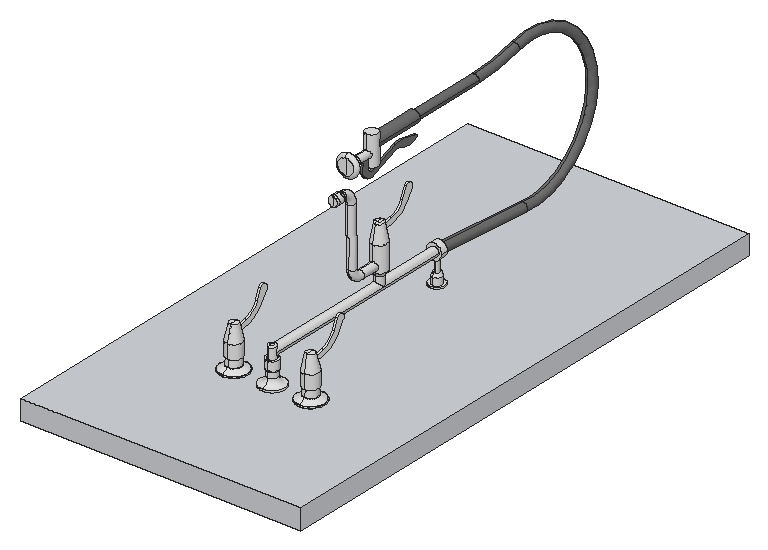
Revit family
Parameters (values of type "TF82WJP")
  WELSRating_ANZRS = ""
  URL = "www.galvinengineering.com.au"
  Type Comments = "Ezy-Wash Pre-Rinse"
  StyleOrType_ANZRS = "Plumbing Fixture"
  PlumbingMaterial_ANZRS = Metal_Taps_DR-Brass-with-Chrome-Finish_10800
  Outlet = "1000mm long high pressure hose with swivel ends"
  ModifiedIssue_ANZRS = 20120721.01  # constant formula
  Model = "TF82WJP"
  Manufacturer = "Galvin Engineering"
  Keynote = "15400"
  Instructions = "http://www.galvinengineering.com.au/Installation_Guides_1.aspx"
  Inlet = "15mm BSP Female"
  FlowRate = 0.000 L/s
  FlexibleHoseMaterial = Rubber_Taps_Black-with-Spring_10800
  FilterObject_ANZRS = "Ezy-Wash"
  DimInletRadius = 7.5 mm  # constant formula
  DimHeight = 1010 mm  # constant formula
  Description = "Wall Mounted Pre-Rinse Concealed Mixing Unit Type 82W"
  Default Elevation = 900 mm
  CreatedBy_ANZRS = "Galvin Engineering"
  CreatedByURL_ANZRS = "www.galvinengineering.com.au"
  CreatedByPhoneNo_ANZRS = "61-8-92495900"
  Assembly Code = "D2010"
Reference planes
  plane 1 "Bottom": y = 0
  plane 2 "Face": z = 0
  plane 3 "Center (Left/Right)": x = 0
  plane 4 "Top": y = 1010
  plane 5 "Width1": z = 326.475
  plane 6 "WidthReference1": z = 76.475
  plane 7 "Width2": z = 386.475
  plane 8 "Left": x = -96
  plane 9: z = 44.94
  plane 10: y = 230
  plane 11: y = 190
  plane 12 "Right": x = 96
Forms (mm)
  Extrusion 1, solid
    sketch origin (0, -719.2, 0) x (1, 0, 0) y (0, 1, 0)
      loop
        line (-350, 1769.2) -> (-350, 369.2) -> (350, 369.2) -> (350, 1769.2) -> (-350, 1769.2)
    from 0 to -50
  Revolve 2, solid, material "Metal_Taps_DR-Brass-with-Chrome-Finish_10800" <- "PlumbingMaterial_ANZRS"
    sketch origin (0, 0, 0) x (0, 1, 0) y (0, 0, 1)
      loop
        line (0, 90.5) -> (-6.45, 90.5)
        arc (-6.45, 90.5) -> (-8.571, 89.621) -> (-9.45, 87.5) r 3
        line (-9.45, 87.5) -> (-9.45, 61) -> (-13.8, 61)
        arc (-13.8, 61) -> (-14.861, 60.561) -> (-15.3, 59.5) r 1.5
        line (-15.3, 59.5) -> (-15.3, 37.5)
        arc (-15.3, 37.5) -> (-14.861, 36.439) -> (-13.8, 36) r 1.5
        line (-13.8, 36) -> (-12.751, 36) -> (-12.751, 21.721)
        arc (-12.751, 21.721) -> (-18.089, 8.835) -> (-30.975, 3.497) r 18.224
        line (-30.975, 3.497) -> (-30.975, 0) -> (0, 0) -> (0, 90.5)
      axis (0, 90.5) -> (0, 0)
    angle from 0 to 360
  Extrusion 3, solid, material "Metal_Taps_DR-Brass-with-Chrome-Finish_10800" <- "PlumbingMaterial_ANZRS"
    sketch origin (0, 45.058, 142.426) x (1, 0, 0) y (0, 0, 1)
      loop
        circle (0, -66.426) r 19
    from -478.384 to -460.384
  Extrusion 4, solid, material "Metal_Taps_DR-Brass-with-Chrome-Finish_10800" <- "PlumbingMaterial_ANZRS"
    sketch origin (0, 448.44, -639.907) x (0, -1, 0) y (1, 0, 0)
      loop
        circle (-66.426, 0) r 5
    from 667.496 to 704.795
  Revolve 5, solid, material "Metal_Taps_DR-Brass-with-Chrome-Finish_10800" <- "PlumbingMaterial_ANZRS"
    sketch origin (0, -17.708, 0) x (0, 1, 0) y (0, 0, 1)
      loop
        line (532.575, 27.589) -> (523.865, 27.589) -> (520.575, 19.027) -> (520.575, 2) -> (512.575, 2) -> (512.575, 0) -> (532.575, 0) -> (532.575, 27.589)
      axis (532.575, 27.589) -> (532.575, 0)
    angle from 0 to 360
  Extrusion 6, solid, material "Metal_Taps_DR-Brass-with-Chrome-Finish_10800" <- "PlumbingMaterial_ANZRS"
    sketch origin (0, 244.042, -243.396) x (0, -1, 0) y (1, 0, 0)
      loop
        circle (-66.426, 0) r 15
    from 601.678 to 673.678
  Revolve 7, solid, material "Metal_Taps_DR-Brass-with-Chrome-Finish_10800" <- "PlumbingMaterial_ANZRS"
    sketch origin (0, -216.054, 0) x (0, 1, 0) y (0, 0, 1)
      loop
        line (475.022, 398.475) -> (468.022, 398.475)
        arc (468.022, 398.475) -> (462.365, 400.818) -> (460.022, 406.475) r 8
        arc (460.022, 406.475) -> (453.022, 413.475) -> (446.022, 406.475) r 7
        line (446.022, 406.475) -> (446.022, 386.475) -> (526.522, 386.475) -> (526.522, 395.725) -> (475.022, 395.725) -> (475.022, 398.475)
      axis (526.522, 386.475) -> (446.022, 386.475)
    angle from 0 to 360
  Revolve 8, solid, material "Metal_Taps_DR-Brass-with-Chrome-Finish_10800" <- "PlumbingMaterial_ANZRS"
    sketch origin (0, 235, 216) x (0, 1, 0) y (0, 0, 1)
      loop
        line (-21.167, 110.475) -> (-21.167, 120.475) -> (-26.583, 122.458) -> (-40.125, 122.458) -> (-45, 121.808) -> (-45, 110.475) -> (-21.167, 110.475)
      axis (-21.167, 110.475) -> (-45, 110.475)
    angle from 0 to 360
  Revolve 9, solid, material "Metal_Taps_DR-Brass-with-Chrome-Finish_10800" <- "PlumbingMaterial_ANZRS"
    sketch origin (0, 0, 0) x (0, 1, 0) y (0, 0, 1)
      loop
        line (315.4, 174.531) -> (315.4, 112.555) -> (323.337, 102.201) -> (323.337, 79.337) -> (334.45, 79.337) -> (334.45, 221.495)
        arc (334.45, 221.495) -> (330.408, 221.323) -> (326.396, 220.808) r 47.506
        arc (326.396, 220.808) -> (324.257, 219.705) -> (323.137, 217.573) r 4
        line (323.137, 217.573) -> (315.4, 174.531)
      axis (334.45, 221.495) -> (334.45, 79.337)
    angle from 0 to 360
  Extrusion 10, solid, material "Metal_Taps_DR-Brass-with-Chrome-Finish_10800" <- "PlumbingMaterial_ANZRS"
    sketch origin (0, 0, 0) x (0, 1, 0) y (0, 0, 1)
      loop
        arc (405.482, 238.054) -> (391.839, 220.276) -> (371.613, 210.628) r 48
        line (371.613, 210.628) -> (337.488, 203.375) -> (339.435, 192.543) -> (379.064, 200.966)
        arc (379.064, 200.966) -> (400.215, 210.054) -> (416.278, 226.543) r 59
        line (416.278, 226.543) -> (432.699, 251.829)
        arc (432.699, 251.829) -> (429.833, 265.317) -> (416.345, 262.45) r 9.75
        line (416.345, 262.45) -> (405.482, 238.054)
    from -2.5 to 2.5
  Sweep 11, solid, material "Metal_Taps_DR-Brass-with-Chrome-Finish_10800" <- "PlumbingMaterial_ANZRS"
    path origin (0, 0, 0) x (0, 1, 0) y (0, 0, 1)
      loop
        line (213.833, 326.475) -> (218.713, 326.475)
        arc (218.713, 326.475) -> (237.45, 318.81) -> (245.44, 300.209) r 26.731
        line (245.44, 300.209) -> (248.035, 151.369)
        arc (248.035, 151.369) -> (255.672, 133.591) -> (273.581, 126.264) r 25.55
        line (273.581, 126.264) -> (328.581, 126.264)
    profile origin (0, 301.081, 126.264) x (0, 0, 1) y (1, 0, 0)
      loop
        circle (0, 0) r 10
  Revolve 12, solid, material "Metal_Taps_DR-Brass-with-Chrome-Finish_10800" <- "PlumbingMaterial_ANZRS"
    sketch origin (-96, 0, 0) x (0, 0, 1) y (0, -1, 0)
      loop
        line (65.7, 19.05) -> (32.2, 19.05) -> (32.2, 16.706) -> (13.314, 17.467)
        arc (13.314, 17.467) -> (12.604, 17.676) -> (12.076, 18.196) r 1.521
        line (12.076, 18.196) -> (2.241, 34.354)
        arc (2.241, 34.354) -> (1.941, 34.644) -> (1.537, 34.75) r 0.825
        line (1.537, 34.75) -> (0, 34.75) -> (0, 0) -> (106.777, 0)
        arc (106.777, 0) -> (106.434, 5.405) -> (105.407, 10.723) r 42.639
        line (105.407, 10.723) -> (65.7, 19.05)
      axis (106.777, 0) -> (0, 0)
    angle from 0 to 360
  Extrusion 13, solid, material "Metal_Taps_DR-Brass-with-Chrome-Finish_10800" <- "PlumbingMaterial_ANZRS"
    sketch origin (-96, 0, 0) x (0, 0, 1) y (0, -1, 0)
      loop
        arc (123.797, -71.482) -> (106.019, -57.839) -> (96.372, -37.613) r 48
        line (96.372, -37.613) -> (89.118, -3.488) -> (78.286, -5.435) -> (86.71, -45.064)
        arc (86.71, -45.064) -> (95.797, -66.215) -> (112.287, -82.278) r 59
        line (112.287, -82.278) -> (137.573, -98.699)
        arc (137.573, -98.699) -> (151.06, -95.833) -> (148.193, -82.345) r 9.75
        line (148.193, -82.345) -> (123.797, -71.482)
    from -2.5 to 2.5
  Revolve 14, solid, material "Metal_Taps_DR-Brass-with-Chrome-Finish_10800" <- "PlumbingMaterial_ANZRS"
    sketch origin (96, 0, 0) x (0, 0, 1) y (0, -1, 0)
      loop
        line (65.7, 19.05) -> (32.2, 19.05) -> (32.2, 16.706) -> (13.314, 17.467)
        arc (13.314, 17.467) -> (12.604, 17.676) -> (12.076, 18.196) r 1.521
        line (12.076, 18.196) -> (2.241, 34.354)
        arc (2.241, 34.354) -> (1.941, 34.644) -> (1.537, 34.75) r 0.825
        line (1.537, 34.75) -> (0, 34.75) -> (0, 0) -> (106.777, 0)
        arc (106.777, 0) -> (106.434, 5.405) -> (105.407, 10.723) r 42.639
        line (105.407, 10.723) -> (65.7, 19.05)
      axis (106.777, 0) -> (0, 0)
    angle from 0 to 360
  Extrusion 15, solid, material "Metal_Taps_DR-Brass-with-Chrome-Finish_10800" <- "PlumbingMaterial_ANZRS"
    sketch origin (96, 0, 0) x (0, 0, 1) y (0, 1, 0)
      loop
        line (123.797, 71.482) -> (148.193, 82.345)
        arc (148.193, 82.345) -> (151.06, 95.833) -> (137.573, 98.699) r 9.75
        line (137.573, 98.699) -> (112.287, 82.278)
        arc (112.287, 82.278) -> (95.797, 66.215) -> (86.71, 45.064) r 59
        line (86.71, 45.064) -> (78.286, 5.435) -> (89.118, 3.488) -> (96.372, 37.613)
        arc (96.372, 37.613) -> (106.019, 57.839) -> (123.797, 71.482) r 48
    from -2.5 to 2.5
  Extrusion 16, solid, material "Rubber_Taps_Black_10800"
    sketch origin (0, 0, 0) x (0, 1, 0) y (0, 0, 1)
      loop
        arc (411.777, 371.767) -> (397.304, 372.477) -> (383.147, 369.382) r 55
        line (383.147, 369.382) -> (315.849, 345.019)
        arc (315.849, 345.019) -> (302.11, 345.383) -> (295.343, 357.345) r 13.957
        line (295.343, 357.345) -> (295.343, 377.158) -> (275.467, 377.158)
        arc (275.467, 377.158) -> (281.438, 374.328) -> (281.971, 367.741) r 6.607
        arc (281.971, 367.741) -> (286.393, 339.066) -> (314.624, 332.371) r 25.979
        line (314.624, 332.371) -> (382.449, 357.921)
        arc (382.449, 357.921) -> (393.112, 359.46) -> (403.432, 356.369) r 25
        arc (403.432, 356.369) -> (425.167, 351.302) -> (446.286, 358.517) r 40.5
        arc (446.286, 358.517) -> (447.909, 362.648) -> (444.72, 365.734) r 4
        line (444.72, 365.734) -> (411.777, 371.767)
    from -2.5 to 2.5
  Extrusion 17, solid, material "Rubber_Taps_Black_10800"
    sketch origin (0, -222.443, 473.209) x (1, 0, 0) y (0, 0, 1)
      loop
        circle (0, -66.426) r 15
    from -664.611 to -535.911
  Sweep 18, solid, material "Rubber_Taps_Black-with-Spring_10800" <- "FlexibleHoseMaterial"
    path origin (0, 0, 0) x (0, 1, 0) y (0, 0, 1)
      loop
        arc (631.678, 406.783) -> (695.326, 411.136) -> (757.789, 424.115) r 467.457
        arc (757.789, 424.115) -> (998.347, 253.639) -> (781.754, 53.595) r 189.76
        arc (781.754, 53.595) -> (652.924, 68.351) -> (523.442, 75.367) r 2165
    profile origin (0, 998.347, 253.639) x (0, 0.997915, 0.064543) y (1, 0, 0)
      loop
        circle (0, 0) r 11.1
  Extrusion 19, solid, material "Rubber_Taps_Black_10800"
    sketch origin (0, -62.443, 473.209) x (1, 0, 0) y (0, 0, 1)
      loop
        circle (0, -66.426) r 11.1
    from -694.121 to -504.611
  Extrusion 20, solid, material "Metal_Taps_DR-Brass-with-Chrome-Finish_10800" <- "PlumbingMaterial_ANZRS"
    sketch origin (0, 45.058, 142.426) x (1, 0, 0) y (0, 0, 1)
      loop
        circle (0, -66.426) r 11.1
    from -460.384 to 45.058
Cuts and joins
  joined: Revolve 2, Extrusion 3, Extrusion 4, Revolve 9, Extrusion 10, Sweep 11, Extrusion 20
  joined: Extrusion 6, Revolve 7
Dimensions and locks
  "DimHeight": plane 4 "Top" to plane 1 "Bottom"
  locked: plane 5 "Width1" to plane 6 "WidthReference1" at 250
  locked: plane 7 "Width2" to plane 6 "WidthReference1" at 310
  locked: plane 10 to plane 1 "Bottom" at 230
  locked: plane 11 to plane 1 "Bottom" at 190
  aligned and locked: plane 2 "Face" to Extrusion 1
  aligned and locked: level to Extrusion 1
  aligned and locked: plane 2 "Face" to Revolve 12 sketch curve
Automatic sketch dimensions
  Extrusion 1 sketch curve to Extrusion 1 sketch curve = 700 mm
  Extrusion 1 sketch curve to Extrusion 1 sketch curve = 1400 mm
  Revolve 2 sketch curve to level = 0 mm
  Revolve 2 sketch curve to plane 1 "Bottom" = 0 mm  (x2)
  plane 1 "Bottom" to Revolve 2 sketch curve = 6.45 mm
  plane 1 "Bottom" to Revolve 2 sketch curve = 9.45 mm
  plane 1 "Bottom" to Revolve 2 sketch curve = 12.751 mm
  Revolve 2 sketch curve to Revolve 2 sketch curve = 4.35 mm
  Revolve 2 sketch curve to Revolve 2 sketch curve = 1.049 mm
  Revolve 2 sketch curve to Revolve 2 sketch curve = 1.5 mm
  Revolve 2 sketch curve to Revolve 2 sketch curve = 18.224 mm
  Revolve 2 sketch curve to level = 20 mm
  Revolve 2 sketch curve to Revolve 2 sketch curve = 3.497 mm
  plane 9 to Revolve 2 sketch curve = 14.94 mm
  plane 9 to Revolve 2 sketch curve = 8.94 mm
  Revolve 2 sketch curve to plane 9 = 14.56 mm
  plane 6 "WidthReference1" to Revolve 2 sketch curve = 11.025 mm
  Extrusion 3 sketch curve to plane 3 "Center (Left/Right)" = 0 mm
  Extrusion 3 sketch curve to plane 6 "WidthReference1" = 0.475 mm
  Extrusion 4 sketch curve to plane 3 "Center (Left/Right)" = 0 mm
  plane 10 to Extrusion 4 sketch curve = 284.867 mm
  level to Revolve 5 sketch curve = 0 mm
  plane 10 to Revolve 5 sketch curve = 264.867 mm
  level to Revolve 5 sketch curve = 2 mm
  Revolve 5 sketch curve to Revolve 5 sketch curve = 8 mm
  plane 9 to Revolve 5 sketch curve = 17.351 mm
  Revolve 5 sketch curve to Revolve 5 sketch curve = 3.29 mm
  Revolve 5 sketch curve to Revolve 5 sketch curve = 8.71 mm
  Revolve 5 sketch curve to Revolve 5 sketch curve = 0 mm
  Revolve 5 sketch curve to Revolve 5 sketch curve = 8.344 mm
  Revolve 5 sketch curve to Revolve 5 sketch curve = 12.589 mm
  Revolve 5 sketch curve to Revolve 5 sketch curve = 8.562 mm
  Extrusion 6 sketch curve to plane 3 "Center (Left/Right)" = 0 mm
  plane 10 to Extrusion 6 sketch curve = 80.468 mm
  Revolve 7 sketch curve to plane 7 "Width2" = 0 mm  (x2)
  Revolve 7 sketch curve to plane 10 = 15.032 mm
  Revolve 7 sketch curve to plane 10 = 0.032 mm
  plane 10 to Revolve 7 sketch curve = 6.968 mm
  Revolve 7 sketch curve to Revolve 7 sketch curve = 0 mm
  Revolve 7 sketch curve to Revolve 7 sketch curve = 8 mm
  Revolve 7 sketch curve to Revolve 7 sketch curve = 7 mm
  Revolve 7 sketch curve to Revolve 7 sketch curve = 6 mm
  Revolve 7 sketch curve to Revolve 7 sketch curve = 45.5 mm
  plane 7 "Width2" to Revolve 7 sketch curve = 9.25 mm
  Revolve 7 sketch curve to Revolve 7 sketch curve = 2.75 mm
  Revolve 8 sketch curve to plane 5 "Width1" = 0 mm  (x2)
  Revolve 8 sketch curve to plane 11 = 0 mm
  Revolve 8 sketch curve to plane 11 = 8.083 mm
  plane 11 to Revolve 8 sketch curve = 4.875 mm
  Revolve 8 sketch curve to Revolve 8 sketch curve = 11.917 mm  (x2)
  Revolve 8 sketch curve to Revolve 8 sketch curve = 13.542 mm
  Revolve 8 sketch curve to Revolve 8 sketch curve = 10 mm
  Revolve 8 sketch curve to Revolve 8 sketch curve = 11.333 mm
  Revolve 8 sketch curve to Revolve 8 sketch curve = 0.65 mm
  plane 6 "WidthReference1" to Revolve 9 sketch curve = 36.08 mm
  plane 10 to Revolve 9 sketch curve = 85.4 mm
  Revolve 9 sketch curve to Revolve 9 sketch curve = 7.737 mm
  plane 6 "WidthReference1" to Revolve 9 sketch curve = 2.862 mm
  Revolve 9 sketch curve to Revolve 9 sketch curve = 7.938 mm
  Revolve 9 sketch curve to Revolve 9 sketch curve = 3.259 mm
  Revolve 9 sketch curve to Revolve 9 sketch curve = 0 mm  (x2)
  Revolve 9 sketch curve to Revolve 9 sketch curve = 3.937 mm
  Revolve 9 sketch curve to Revolve 9 sketch curve = 8.054 mm
  plane 9 to Revolve 9 sketch curve = 6.192 mm
  Revolve 9 sketch curve to Revolve 9 sketch curve = 10.353 mm
  Revolve 9 sketch curve to Revolve 9 sketch curve = 36.193 mm
  Revolve 9 sketch curve to Revolve 9 sketch curve = 25.241 mm
  Revolve 9 sketch curve to Revolve 9 sketch curve = 0.542 mm
  Revolve 9 sketch curve to Revolve 9 sketch curve = 42.877 mm
  plane 10 to Extrusion 10 sketch curve = 107.488 mm
  Extrusion 10 sketch curve to Extrusion 10 sketch curve = 1.947 mm
  Extrusion 10 sketch curve to Extrusion 10 sketch curve = 24.145 mm
  Extrusion 10 sketch curve to Extrusion 10 sketch curve = 5.164 mm
  Extrusion 10 sketch curve to Extrusion 10 sketch curve = 34.125 mm
  Extrusion 10 sketch curve to Extrusion 10 sketch curve = 7.451 mm
  Extrusion 10 sketch curve to plane 5 "Width1" = 88.421 mm
  Extrusion 10 sketch curve to Extrusion 10 sketch curve = 33.869 mm
  Extrusion 10 sketch curve to Extrusion 10 sketch curve = 10.796 mm
  Extrusion 10 sketch curve to plane 5 "Width1" = 64.025 mm
  Extrusion 10 sketch curve to Extrusion 10 sketch curve = 10.863 mm
  Extrusion 10 sketch curve to Extrusion 10 sketch curve = 8.177 mm  (x2)
  Extrusion 10 sketch curve to plane 5 "Width1" = 74.646 mm
  Extrusion 10 sketch curve to Extrusion 10 sketch curve = 11.511 mm
  Extrusion 10 sketch curve to Extrusion 10 sketch curve = 27.426 mm
  Extrusion 10 sketch curve to Extrusion 10 sketch curve = 7.253 mm
  Extrusion 10 sketch curve to Extrusion 10 sketch curve = 9.662 mm
  Extrusion 10 sketch curve to Extrusion 10 sketch curve = 10.832 mm
  Sweep 11 sketch curve to plane 5 "Width1" = 0 mm
  Sweep 11 sketch curve to plane 10 = 16.167 mm
  Sweep 11 sketch curve to plane 10 = 11.287 mm
  plane 10 to Sweep 11 sketch curve = 15.44 mm
  plane 10 to Sweep 11 sketch curve = 18.035 mm
  Sweep 11 sketch curve to Sweep 11 sketch curve = 25.546 mm
  Sweep 11 sketch curve to Sweep 11 sketch curve = 55 mm
  Sweep 11 sketch curve to plane 5 "Width1" = 26.266 mm
  plane 6 "WidthReference1" to Sweep 11 sketch curve = 75.339 mm
  Sweep 11 sketch curve to Sweep 11 sketch curve = 0.445 mm
  Sweep 11 sketch curve to profile plane = 0 mm  (x2)
  Revolve 12 sketch curve to plane 1 "Bottom" = 0 mm  (x2)
  Revolve 12 sketch curve to Revolve 12 sketch curve = 79.884 mm
  level to Revolve 12 sketch curve = 1.537 mm
  Revolve 12 sketch curve to Revolve 12 sketch curve = 0.704 mm
  level to Revolve 12 sketch curve = 12.076 mm
  Revolve 12 sketch curve to Revolve 12 sketch curve = 1.238 mm
  Revolve 12 sketch curve to Revolve 12 sketch curve = 1.299 mm
  plane 9 to Revolve 12 sketch curve = 14.824 mm
  plane 9 to Revolve 12 sketch curve = 12.74 mm
  Revolve 12 sketch curve to plane 6 "WidthReference1" = 12.337 mm
  Revolve 12 sketch curve to plane 6 "WidthReference1" = 10.775 mm
  plane 1 "Bottom" to Revolve 12 sketch curve = 10.723 mm
  plane 6 "WidthReference1" to Revolve 12 sketch curve = 28.932 mm
  plane 1 "Bottom" to Revolve 12 sketch curve = 16.706 mm
  plane 1 "Bottom" to Revolve 12 sketch curve = 17.467 mm
  Revolve 12 sketch curve to Revolve 12 sketch curve = 0.729 mm
  plane 1 "Bottom" to Revolve 12 sketch curve = 19.05 mm
  Revolve 12 sketch curve to Revolve 12 sketch curve = 15.729 mm
  Revolve 12 sketch curve to Revolve 12 sketch curve = 0.429 mm
  plane 6 "WidthReference1" to Extrusion 13 sketch curve = 1.811 mm
  plane 6 "WidthReference1" to Extrusion 13 sketch curve = 10.235 mm
  Extrusion 13 sketch curve to plane 1 "Bottom" = 3.488 mm
  Extrusion 13 sketch curve to Extrusion 13 sketch curve = 10.832 mm
  Extrusion 13 sketch curve to Extrusion 13 sketch curve = 9.662 mm
  plane 6 "WidthReference1" to Extrusion 13 sketch curve = 35.812 mm
  Extrusion 13 sketch curve to Extrusion 13 sketch curve = 11.511 mm
  Extrusion 13 sketch curve to Extrusion 13 sketch curve = 25.286 mm
  Extrusion 13 sketch curve to Extrusion 13 sketch curve = 5.31 mm  (x2)
  Extrusion 13 sketch curve to plane 1 "Bottom" = 27.633 mm
  Extrusion 13 sketch curve to Extrusion 13 sketch curve = 46.951 mm
  Extrusion 13 sketch curve to Extrusion 13 sketch curve = 1.098 mm
  Extrusion 13 sketch curve to Extrusion 13 sketch curve = 5.164 mm
  Extrusion 13 sketch curve to Extrusion 13 sketch curve = 34.125 mm
  Extrusion 13 sketch curve to Extrusion 13 sketch curve = 7.451 mm
  Extrusion 13 sketch curve to Extrusion 13 sketch curve = 10.863 mm
  Extrusion 13 sketch curve to Extrusion 13 sketch curve = 8.177 mm
  Extrusion 13 sketch curve to plane 1 "Bottom" = 5.435 mm
  Revolve 14 sketch curve to plane 1 "Bottom" = 0 mm  (x2)
  Revolve 14 sketch curve to level = 0 mm
  Revolve 14 sketch curve to Revolve 14 sketch curve = 79.884 mm
  Revolve 14 sketch curve to level = 1.537 mm
  Revolve 14 sketch curve to Revolve 14 sketch curve = 0.704 mm
  Revolve 14 sketch curve to level = 12.076 mm
  Revolve 14 sketch curve to Revolve 14 sketch curve = 1.238 mm
  Revolve 14 sketch curve to Revolve 14 sketch curve = 1.299 mm
  Revolve 14 sketch curve to plane 9 = 14.824 mm
  Revolve 14 sketch curve to plane 9 = 12.74 mm
  plane 6 "WidthReference1" to Revolve 14 sketch curve = 12.337 mm
  plane 6 "WidthReference1" to Revolve 14 sketch curve = 10.775 mm
  Revolve 14 sketch curve to plane 1 "Bottom" = 10.723 mm
  Revolve 14 sketch curve to plane 6 "WidthReference1" = 28.932 mm
  Revolve 14 sketch curve to plane 1 "Bottom" = 16.706 mm
  Revolve 14 sketch curve to plane 1 "Bottom" = 17.467 mm
  Revolve 14 sketch curve to Revolve 14 sketch curve = 0.729 mm
  Revolve 14 sketch curve to plane 1 "Bottom" = 19.05 mm
  Revolve 14 sketch curve to Revolve 14 sketch curve = 15.729 mm
  Revolve 14 sketch curve to Revolve 14 sketch curve = 0.429 mm
  Extrusion 15 sketch curve to plane 6 "WidthReference1" = 1.811 mm
  Extrusion 15 sketch curve to plane 6 "WidthReference1" = 10.235 mm
  plane 1 "Bottom" to Extrusion 15 sketch curve = 3.488 mm
  Extrusion 15 sketch curve to Extrusion 15 sketch curve = 10.832 mm
  Extrusion 15 sketch curve to Extrusion 15 sketch curve = 9.662 mm
  Extrusion 15 sketch curve to plane 6 "WidthReference1" = 35.812 mm
  Extrusion 15 sketch curve to Extrusion 15 sketch curve = 11.511 mm
  Extrusion 15 sketch curve to Extrusion 15 sketch curve = 25.286 mm
  Extrusion 15 sketch curve to Extrusion 15 sketch curve = 5.31 mm  (x2)
  plane 1 "Bottom" to Extrusion 15 sketch curve = 27.633 mm
  Extrusion 15 sketch curve to Extrusion 15 sketch curve = 46.951 mm
  Extrusion 15 sketch curve to Extrusion 15 sketch curve = 1.098 mm
  Extrusion 15 sketch curve to Extrusion 15 sketch curve = 5.164 mm
  Extrusion 15 sketch curve to Extrusion 15 sketch curve = 34.125 mm
  Extrusion 15 sketch curve to Extrusion 15 sketch curve = 7.451 mm
  Extrusion 15 sketch curve to Extrusion 15 sketch curve = 10.863 mm
  Extrusion 15 sketch curve to Extrusion 15 sketch curve = 8.177 mm
  plane 1 "Bottom" to Extrusion 15 sketch curve = 5.435 mm
  Extrusion 17 sketch curve to plane 3 "Center (Left/Right)" = 0 mm
  plane 7 "Width2" to Extrusion 17 sketch curve = 20.308 mm
  Sweep 18 sketch curve to profile plane = 0 mm  (x2)
  Extrusion 19 sketch curve to plane 3 "Center (Left/Right)" = 0 mm
  plane 7 "Width2" to Extrusion 19 sketch curve = 20.308 mm
  Extrusion 20 sketch curve to plane 3 "Center (Left/Right)" = 0 mm
  Extrusion 20 sketch curve to plane 6 "WidthReference1" = 0.475 mm
  Extrusion 16 sketch curve to plane 7 "Width2" = 9.317 mm
  plane 10 to Extrusion 16 sketch curve = 45.467 mm
  Extrusion 16 sketch curve to Extrusion 16 sketch curve = 0.536 mm
  Extrusion 16 sketch curve to Extrusion 16 sketch curve = 5.969 mm
  Extrusion 16 sketch curve to Extrusion 16 sketch curve = 13.372 mm
  Extrusion 16 sketch curve to Extrusion 16 sketch curve = 10.139 mm
  Extrusion 16 sketch curve to Extrusion 16 sketch curve = 3.819 mm
  plane 5 "Width1" to Extrusion 16 sketch curve = 5.896 mm
  Extrusion 16 sketch curve to Extrusion 16 sketch curve = 5.324 mm
  Extrusion 16 sketch curve to Extrusion 16 sketch curve = 1.225 mm
  Extrusion 16 sketch curve to plane 7 "Width2" = 28.554 mm
  Extrusion 16 sketch curve to Extrusion 16 sketch curve = 66.6 mm
  Extrusion 16 sketch curve to plane 7 "Width2" = 17.093 mm
  Extrusion 16 sketch curve to Extrusion 16 sketch curve = 0.699 mm
  plane 5 "Width1" to Extrusion 16 sketch curve = 8.053 mm
  Extrusion 16 sketch curve to Extrusion 16 sketch curve = 8.819 mm
  Extrusion 16 sketch curve to plane 5 "Width1" = 8.808 mm
  Extrusion 16 sketch curve to Extrusion 16 sketch curve = 10.602 mm
  Extrusion 16 sketch curve to Extrusion 16 sketch curve = 20.983 mm
  Extrusion 16 sketch curve to Extrusion 16 sketch curve = 0 mm
  Extrusion 16 sketch curve to plane 7 "Width2" = 14.708 mm
  plane 7 "Width2" to Extrusion 16 sketch curve = 5.276 mm
  Extrusion 16 sketch curve to Extrusion 16 sketch curve = 32.223 mm
  Extrusion 16 sketch curve to plane 7 "Width2" = 20.741 mm
  Extrusion 16 sketch curve to Extrusion 16 sketch curve = 0.721 mm
  Extrusion 16 sketch curve to Extrusion 16 sketch curve = 2.286 mm
  Extrusion 16 sketch curve to Extrusion 16 sketch curve = 12.648 mm
  Extrusion 16 sketch curve to Extrusion 16 sketch curve = 0.657 mm
  plane 10 to Sweep 18 sketch curve = 241.092 mm
  Sweep 18 sketch curve to plane 6 "WidthReference1" = 1.108 mm
  plane 10 to Sweep 18 sketch curve = 293.442 mm
  plane 7 "Width2" to Sweep 18 sketch curve = 20.308 mm
  Sweep 18 sketch curve to Sweep 18 sketch curve = 108.236 mm
  plane 7 "Width2" to Sweep 18 sketch curve = 37.64 mm
  Sweep 18 sketch curve to Sweep 18 sketch curve = 126.111 mm
  Sweep 18 sketch curve to Sweep 18 sketch curve = 0 mm
  level to Sweep 18 sketch curve = 53.595 mm
  Sweep 18 sketch curve to Sweep 18 sketch curve = 258.312 mm
  radius of Extrusion 3 sketch curve = 19 mm
  radius of Extrusion 4 sketch curve = 5 mm
  radius of Extrusion 6 sketch curve = 15 mm
  radius of Sweep 11 sketch curve = 10 mm
  radius of Extrusion 17 sketch curve = 15 mm
  radius of Sweep 18 sketch curve = 11.1 mm
  radius of Extrusion 19 sketch curve = 11.1 mm
  radius of Extrusion 20 sketch curve = 11.1 mm
Connectors
  piping at (-96, 0, 0), driven by "FlowRate", driven by "DimInletRadius"
    settings: on Revolve 12, index 1, connector radius 0.29528", flow factor 0, pipe flow 0.000 L/s, pressure drop 0.00 psi, fitting loss kfactor 0, connector angle 0.00°, fixture units 0, flow configuration 1, flow direction 1, fitting loss method 4, system type 19, connector reference index -1, connector utility 0, adjustable connector no, is connector primary yes, fitting loss table "", connector description "Inlet"
  piping at (96, 0, 0), driven by "FlowRate", driven by "DimInletRadius"
    settings: on Revolve 14, index 2, connector radius 0.29528", flow factor 0, pipe flow 0.000 L/s, pressure drop 0.00 psi, fitting loss kfactor 0, connector angle 0.00°, fixture units 0, flow configuration 1, flow direction 1, fitting loss method 4, system type 20, connector reference index -1, connector utility 0, adjustable connector no, is connector primary no, fitting loss table "", connector description "Inlet"
